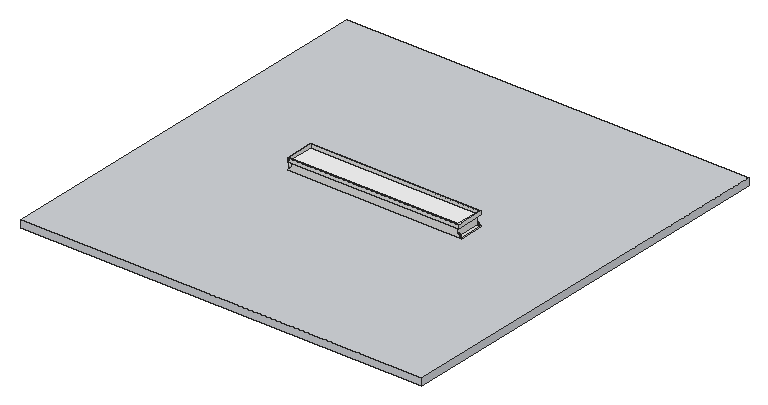
Revit family "Thorn GTLED RS", category Lighting Fixtures, host Face, Revit 2016
Family settings
  Host = Face
  Part Type = Normal
  Round Connector Dimension = Use Diameter
  OmniClass Number = 23.80.70.11
  OmniClass Title = Luminaries for Internal Lighting
  Cut with Voids When Loaded = No
  Light Source = Yes
  Shared = No
  Room Calculation Point = No
Parameters (values of type "GTLED RS 72L50 RWET BPL 2M32/20")
  Width = 197 mm  # constant formula
  Wattage Comments = ""
  Wattage = 75.4265 W
  built-in parameter 1150110 = 1 (stored number, unit not read)
  Voltage = 230 V
  URL = "www.thornlighting.com/96221810"
  Type Comments = "© Thorn. We reserve the right to make technical changes without prior notice."  # constant formula
  built-in parameter 1114217 = 1 (stored number, unit not read)
  Tilt Angle = -90.00°
  built-in parameter 1150109 = 1 (stored number, unit not read)
  built-in parameter 1150134 = 12
  built-in parameter 1150113 = 1 (stored number, unit not read)
  Photometric Web File = "GTLED_RS_72L50_RWET.IES"
  Model = "96221810"
  Manufacturer = "Thorn Lighting"  # constant formula
  built-in parameter 1150105 = 891.59 (stored number, unit not read)
  Lumens = 11204 lm
  built-in parameter 1150115 = 1 (stored number, unit not read)
  built-in parameter 1150137 = (empty or 0)
  built-in parameter 1150139 = (empty or 0)
  Length = 1228 mm  # constant formula
  built-in parameter 1150112 = 1 (stored number, unit not read)
  built-in parameter 1150114 = 1 (stored number, unit not read)
  Lamp = "LED"
  built-in parameter 1150132 = 2
  built-in parameter 1150102 = (empty or 0)
  built-in parameter 1150107 = 4000 (stored number, unit not read)
  built-in parameter 1150138 = (empty or 0)
  built-in parameter 1150106 = 8.9159 (stored number, unit not read)
  Height = 92 mm  # constant formula
  Emit from Rectangle Width = Length - 40 mm  # 1188 mm
  Emit from Rectangle Length = Width - 10 mm  # 187 mm
  Emit Shape Visible in Rendering = no
  built-in parameter 1150104 = 13.8 (stored number, unit not read)
  Dimming Lamp Color Temperature Shift = <None>
  Description = "Ceiling recessed LED luminaire"  # constant formula
  Default Elevation = 0 mm
  Cover = Thorn_PMMA
  Color Filter = 16777215
  Body = Thorn_Metal_Light_Grey
  built-in parameter 1114218 = 1 (stored number, unit not read)
  built-in parameter 1150133 = 10 (stored number, unit not read)
  Assembly Code = "D5020200"
  Apparent Load = 108 VA
Reference planes
  plane 1 "Center (Front/Back)": y = 0
  plane 2 "Top": z = 0
  plane 3 "Center (Left/Right)": x = 399.5
  plane 4 "Back": y = 98.5
  plane 5 "Front": y = -98.5
  plane 6 "Left": x = -214.5
  plane 7 "Right": x = 1013.5
  plane 8 "Bottom Body": z = 92
  plane 9: x = -199.5
  plane 10: x = 998.5
  plane 11: y = 83.5
  plane 12: y = -83.5
  plane 13 "Ies": z = 69
  plane 14: x = 983.5
  plane 15 "Cover Left": x = -184.5
  plane 16: z = 25
Forms (mm)
  Extrusion 1, solid
    sketch origin (0, 0, 0) x (1, 0, 0) y (0, 1, 0)
      loop
        line (-1010.5, 1431.145) -> (-1010.5, -1431.145) -> (1809.5, -1431.145) -> (1809.5, 1431.145) -> (-1010.5, 1431.145)
    from 0 to -52.502
  Extrusion 2, solid, material "Thorn_Metal_Light_Grey" <- "Body"
    sketch origin (-184.5, 0, 0) x (0, 0, 1) y (0, -1, 0)
      loop
        circle (28.158, -55.729) r 20
      loop
        circle (46.039, -19.485) r 15
      loop
        circle (28.158, 55.729) r 20
      loop
        circle (46.039, 19.485) r 15
    from 0 to -25
  Extrusion 3, solid, material "Thorn_Metal_Light_Grey" <- "Body"
    sketch origin (-214.5, 0, 0) x (0, 1, 0) y (0, 0, 1)
      loop
        line (83.5, 0) -> (83.5, 69) -> (-83.5, 69) -> (-83.5, 0) -> (83.5, 0)
    from 30 to 1198
  Sweep 4, solid, material "Thorn_Metal_Light_Grey" <- "Body"
    path origin (0, 0, 92) x (-1, 0, 0) y (0, -1, 0)
      loop
        line (184.5, -83.5) -> (184.5, 83.5) -> (-983.5, 83.5) -> (-983.5, -83.5) -> (184.5, -83.5)
    profile origin (399.5, 83.5, 92) x (0, 1, 0) y (0, 0, 1)
      loop
        line (0, -23) -> (0, -25.5) -> (15, -25.5) -> (15, 0) -> (10, 0) -> (10, -23) -> (0, -23)
  Extrusion 5, solid, material "Thorn_Metal_Light_Grey" <- "Body"
    sketch origin (0, -98.5, 0) x (-1, 0, 0) y (0, 0, -1)
      loop
        line (184.5, -30) -> (209.5, -5) -> (214.5, -5) -> (214.5, 0) -> (184.5, 0) -> (184.5, -30)
      loop
        line (-983.5, -30) -> (-983.5, 0) -> (-1013.5, 0) -> (-1013.5, -5) -> (-1008.5, -5) -> (-983.5, -30)
    from -20 to -15
  Extrusion 6, solid, material "Thorn_Metal_Light_Grey" <- "Body"
    sketch origin (0, 98.5, 0) x (-1, 0, 0) y (0, 0, 1)
      loop
        line (184.5, 30) -> (184.5, 0) -> (214.5, 0) -> (214.5, 5) -> (209.5, 5) -> (184.5, 30)
      loop
        line (-983.5, 30) -> (-1008.5, 5) -> (-1013.5, 5) -> (-1013.5, 0) -> (-983.5, 0) -> (-983.5, 30)
    from -20 to -15
  Extrusion 7, solid, material "Thorn_Metal_Light_Grey" <- "Body"
    sketch origin (0, 0, 0) x (1, 0, 0) y (0, 1, 0)
      loop
        line (-184.5, 78.5) -> (-214.5, 78.5) -> (-214.5, -78.5) -> (-184.5, -78.5) -> (-184.5, 78.5)
      loop
        line (983.5, 78.5) -> (983.5, -78.5) -> (1013.5, -78.5) -> (1013.5, 78.5) -> (983.5, 78.5)
    from 0 to 5
Cuts and joins
  joined: Extrusion 3, Sweep 4, Extrusion 5, Extrusion 6, Extrusion 7
Dimensions and locks
  "Length": plane 6 "Left" to plane 7 "Right"
  equal spacing: plane 6 "Left", plane 3 "Center (Left/Right)", plane 7 "Right"
  equal spacing: plane 5 "Front", plane 1 "Center (Front/Back)", plane 4 "Back"
  "Width": plane 5 "Front" to plane 4 "Back"
  locked: plane 5 "Front" to plane 12 at 15
  locked: plane 4 "Back" to plane 11 at 15
  plane 6 "Left" to plane 9 to plane 15 "Cover Left" = 15 mm locked, 15 mm locked
  plane 14 to plane 10 to plane 7 "Right" = 15 mm locked, 15 mm locked
  plane 8 "Bottom Body" to plane 13 "Ies" to plane 16 to plane 2 "Top" = 23 mm locked, 44 mm locked, 25 mm locked
  aligned and locked: Extrusion 1 to plane 2 "Top"
  aligned and locked: plane 2 "Top" to Extrusion 3 sketch curve
  aligned and locked: Extrusion 3 sketch curve to plane 12
  aligned and locked: plane 13 "Ies" to Extrusion 3 sketch curve
  aligned and locked: plane 11 to Extrusion 3 sketch curve
  aligned and locked: Sweep 4 sketch curve to plane 11
  aligned and locked: plane 12 to Sweep 4 sketch curve
  aligned and locked: Extrusion 3 to plane 15 "Cover Left"
  aligned and locked: Extrusion 3 to plane 14
  aligned and locked: plane 14 to Sweep 4 sketch curve
  aligned and locked: Sweep 4 sketch curve to plane 15 "Cover Left"
  aligned and locked: Extrusion 5 sketch curve to plane 15 "Cover Left"
  aligned and locked: Extrusion 5 sketch curve to plane 2 "Top"
  aligned and locked: plane 14 to Extrusion 5 sketch curve
  aligned and locked: plane 2 "Top" to Extrusion 5 sketch curve
  aligned and locked: Extrusion 7 sketch curve to plane 6 "Left"
  aligned and locked: plane 7 "Right" to Extrusion 7 sketch curve
  aligned and locked: imposter light to plane 13 "Ies"
Automatic sketch dimensions
  Extrusion 1 sketch curve to Extrusion 1 sketch curve = 2820 mm
  Extrusion 1 sketch curve to Extrusion 1 sketch curve = 2862.29 mm
  plane 16 to Extrusion 2 sketch curve = 3.158 mm  (x2)
  plane 16 to Extrusion 2 sketch curve = 21.039 mm  (x2)
  Extrusion 2 sketch curve to plane 11 = 27.771 mm
  Extrusion 2 sketch curve to plane 1 "Center (Front/Back)" = 19.485 mm
  plane 1 "Center (Front/Back)" to Extrusion 2 sketch curve = 19.485 mm
  Extrusion 2 sketch curve to plane 12 = 27.771 mm
  Sweep 4 sketch curve to profile plane = 0 mm
  Sweep 4 sketch curve to plane 8 "Bottom Body" = 0 mm
  Sweep 4 sketch curve to profile plane = 10 mm
  Sweep 4 sketch curve to Sweep 4 sketch curve = 5 mm
  Sweep 4 sketch curve to plane 8 "Bottom Body" = 23 mm
  Sweep 4 sketch curve to Sweep 4 sketch curve = 2.5 mm
  Extrusion 5 sketch curve to plane 7 "Right" = 5 mm
  Extrusion 5 sketch curve to plane 6 "Left" = 0 mm
  Extrusion 5 sketch curve to plane 16 = 5 mm  (x2)
  plane 7 "Right" to Extrusion 6 sketch curve = 5 mm
  plane 14 to Extrusion 6 sketch curve = 0 mm
  Extrusion 6 sketch curve to plane 15 "Cover Left" = 0 mm
  Extrusion 6 sketch curve to level = 0 mm  (x2)
  Extrusion 6 sketch curve to plane 6 "Left" = 0 mm
  plane 16 to Extrusion 6 sketch curve = 5 mm  (x2)
  Extrusion 7 sketch curve to plane 15 "Cover Left" = 0 mm
  Extrusion 7 sketch curve to plane 14 = 0 mm
  Extrusion 7 sketch curve to plane 12 = 5 mm  (x2)
  Extrusion 7 sketch curve to plane 11 = 5 mm  (x2)
  plane 7 "Right" to Extrusion 6 sketch curve = 1223 mm
  Extrusion 6 sketch curve to Extrusion 6 sketch curve = 5 mm  (x2)
  Extrusion 5 sketch curve to plane 7 "Right" = 1223 mm
  Extrusion 5 sketch curve to Extrusion 5 sketch curve = 5 mm  (x2)
  plane 7 "Right" to Extrusion 5 sketch curve = 0 mm
  plane 7 "Right" to Extrusion 6 sketch curve = 0 mm
  radius of Extrusion 2 sketch curve = 20 mm  (x2)
  radius of Extrusion 2 sketch curve = 15 mm  (x2)
Connectors
  electrical at (399.5, 0, 0), driven by "Voltage", driven by "Apparent Load"
    settings: on cut or joined group of Extrusion 3, Sweep 4, Extrusion 5, Extrusion 6, Extrusion 7, index 1, voltage 230 V, apparent load 108 VA, apparent load phase1 0 VA, apparent load phase2 0 VA, apparent load phase3 0 VA, power factor 1, load classification "Lighting", number of poles 1, system type 30, power factor state 1, is connector primary yes, connector utility no, sub classification motor no, connector description "Power"
